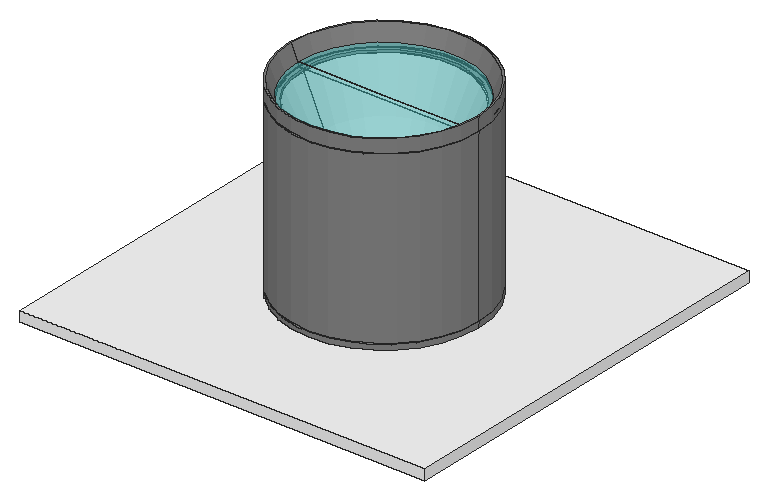
Revit family "24424_BEGA_Revit", category Lighting Fixtures, host Face, Revit 2019
Family settings
  Host = Face
  Round Connector Dimension = Use Diameter
  Part Type = Normal
  Cut with Voids When Loaded = Yes
  Light Source = Yes
  Shared = No
  Room Calculation Point = Yes
Parameters (values of type "24424_BEGA_Revit")
  Weight = "6.39 lbs"
  Voltage = 120 V
  Update = "2019-07-02T04:00:18"
  URL = "www.bega-us.com"
  Type Image = 24424.png
  Type Comments = "© 2019 BEGA. Technical amendments reserved."
  Serial_number [instance] = "Here you can enter the individual serial number for use in facility management."
  Protection_class = "IP 65"
  Order_number = "24424"
  Model = "24424"
  Material_17 = BEGA_reflector
  Material_15 = BEGA_lighting_medium_matt
  Material_11 = BEGA_glass_opal
  Material_09 = BEGA_glass_clear
  Material_06 = BEGA_finishes_stainless_steel_brushed
  Material_03 = BEGA_finishes_white_matt
  Material_02 = BEGA_finishes_silver_matt
  Material_01 [instance] = BEGA_finishes_graphite_matt
  Manufacturer = "BEGA"  # constant formula
  M_W = no
  M_G = yes
  M_A = no
  Luminaire_luminous_flux = "4785 lm"
  Logo = 0
  Load_Classification = Lighting
  Lamp = "LED 35.7 W"
  Half_beam_angle = ""
  built-in parameter 1150104 = 12.449 (stored number, unit not read)
  Wattage = 35.709 W
  Description = "Ceiling mounted downlight"
  Default Elevation = 0 mm
  built-in parameter 1150113 = 1 (stored number, unit not read)
  Connected_wattage [instance] = "41.0 W"
  Bega_IES = yes
  built-in parameter 1114218 = 1 (stored number, unit not read)
  built-in parameter 1150134 = 12
  built-in parameter 1150109 = 1 (stored number, unit not read)
  built-in parameter 1150110 = 1 (stored number, unit not read)
  Tilt Angle = 0.00°
  built-in parameter 1114217 = 1 (stored number, unit not read)
  built-in parameter 1150139 = (empty or 0)
  built-in parameter 1150105 = 380.78 (stored number, unit not read)
  built-in parameter 1150114 = 1 (stored number, unit not read)
  Lumens = 4785 lm
  built-in parameter 1150115 = 1 (stored number, unit not read)
  built-in parameter 1150112 = 1 (stored number, unit not read)
  Dimming Lamp Color Temperature Shift = <None>
  Color Filter = 16777215
  BEGA_internal_structure = yes
  BEGA_internal_on = yes
  BEGA_internal_off = yes
  BEGA_internal = yes
  BEGA_dummy = no
  built-in parameter 1150133 = 10 (stored number, unit not read)
  built-in parameter 1150137 = (empty or 0)
  built-in parameter 1150132 = 2
  Photometric Web File = "24424K4_BEGA_IES.IES"
  built-in parameter 1150106 = 3.8078 (stored number, unit not read)
  built-in parameter 1150107 = 4000 (stored number, unit not read)
  built-in parameter 1150102 = (empty or 0)
  built-in parameter 1150138 = (empty or 0)
  Apparent Load = 0 VA
Reference planes
  plane 1 "Center (Front/Back)": y = 0
  plane 2: z = 0
  plane 3 "Center (Left/Right)": x = 0
  plane 4 "left": x = -93.5
  plane 5 "right": x = 93.5
  plane 6 "down": y = -93.5
  plane 7 "up": y = 93.5
  plane 8 "Back": z = 0
  plane 9 "Front": z = 187.4
Forms (mm)
  Extrusion 1, solid, material "BEGA_plate_white"
    sketch origin (0, 0, 0) x (1, 0, 0) y (0, 1, 0)
      loop
        line (-200, 200) -> (-200, -200) -> (200, -200) -> (200, 200) -> (-200, 200)
    from 0 to -10
  Extrusion 2, solid, material "BEGA_Dummy_matt", visible <- "BEGA_dummy"
    sketch origin (77.149, -76.023, 0) x (1, 0, 0) y (0, 1, 0)
      loop
        circle (-77.149, 76.023) r 93.5
    from 0 to 187.4
Dimensions and locks
  aligned and locked: plane 2 to Extrusion 1
  aligned and locked: level to Extrusion 1
Nested families
  nested 1: "24424" at (0, 0, 0), type "24424"
Connectors
  electrical at (0, 0, 0), driven by "Apparent Load", driven by "Load_Classification", driven by "Voltage"
    settings: on Extrusion 1, index 1, voltage 120 V, apparent load 0 VA, apparent load phase1 0 VA, apparent load phase2 0 VA, apparent load phase3 0 VA, power factor 1, load classification "Lighting", number of poles 1, system type 31, power factor state 1, is connector primary yes, connector utility no, sub classification motor no, connector description ""
Definition of nested family "24424"
  Parameters (values of type "BE_24424")
    Default Elevation = 1 mm
    URL = "http://www.bega.de/de/produkt"
    Type Comments = "© 2015 BEGA. Wir behalten uns das Recht vor, technische Änderungen ohne vorherige Ankündigung vorzunehmen. "  # constant formula
    Type Image = (empty or 0)
    Neigungswinkel_um_Z2 = 0.00°
    Neigungswinkel_um_Z1 = 0.00°
    Neigungswinkel_um_Y2 = 0.00°
    Neigungswinkel_um_Y1 = 0.00°
    Neigungswinkel_um_X2 = 0.00°
    Neigungswinkel_um_X1 = 0.00°
    Material_17 = none
    Material_15 = none
    Material_11 = none
    Material_09 = none
    Material_06 = none
    Material_03 = none
    Material_02 = none
    Material_01 = none
    M_W = yes
    M_G = yes
    M_A = yes
    Länge_Platte = 200 mm  # constant formula
    Höhe_Platte = -10 mm  # constant formula
    Manufacturer = "BEGA"  # constant formula
    Drehwinkel_um_Z2 = 0.00°
    Drehwinkel_um_Z1 = 0.00°
    Breite_Platte = 200 mm  # constant formula
  Reference planes
    plane 1 "Mitte (Oben/Unten)": y = 0
    plane 2: z = 0
    plane 3 "Mitte (Links/Rechts)": x = 0
    plane 4 "Hinten": z = -40
    plane 5: z = 187.4
    plane 6: x = -93.5
    plane 7: x = 93.5
    plane 8: y = 93.5
    plane 9: y = -93.5
  Forms (mm)
    Extrusion 1, solid, detail levels medium
      sketch origin (0, 0, 0) x (1, 0, 0) y (0, 1, 0)
        loop
          line (-100, 100) -> (-100, -100) -> (100, -100) -> (100, 100) -> (-100, 100)
      from 0 to -10 <- "Höhe_Platte"
    Revolve 2, solid, material <- "Material_09"
      sketch origin (0, 0, 0) x (1, 0, 0) y (0, 0, 1)
        loop
          line (-84.5, 173) -> (-84.5, 168.9) -> (0, 168.9) -> (0, 173) -> (-84.5, 173)
        axis (0, 168.9) -> (0, 173)
      angle from 0 to 360
    Revolve 3, solid, material <- "Material_17"
      sketch origin (0, 0, 0) x (1, 0, 0) y (0, 0, 1)
        loop
          line (-85, 164.6) -> (-81.237, 164.6)
          arc (-81.237, 164.6) -> (-61.141, 119.72) -> (-36.386, 77.232) r 461.8
          arc (-36.386, 77.232) -> (-35.852, 76.767) -> (-35.163, 76.6) r 1.5
          line (-35.163, 76.6) -> (-32, 76.6) -> (-32, 77.9)
          arc (-32, 77.9) -> (-32.146, 78.254) -> (-32.5, 78.4) r 0.5
          line (-32.5, 78.4) -> (-34.992, 78.4)
          arc (-34.992, 78.4) -> (-59.857, 121.192) -> (-79.999, 166.4) r 461.8
          line (-79.999, 166.4) -> (-84.937, 166.4) -> (-85, 164.6)
        axis (0, 166.4) -> (0, 76.6)
      angle from 0 to 360
    Revolve 4, solid, material <- "Material_01", visible <- "M_G"
      sketch origin (0, 0, 0) x (1, 0, 0) y (0, 0, 1)
        loop
          line (-93.5, 174.417) -> (-91.384, 174.194) -> (-89.5, 170.668) -> (-90.5, 170.091) -> (-90.5, 161.55) -> (-88.578, 160.9) -> (-87.309, 160.9) -> (-84.937, 166.4) -> (-81.087, 166.4) -> (-81.017, 168.4) -> (-84.965, 168.4) -> (-85, 169.4) -> (-92, 187.4) -> (-93.5, 187.4) -> (-93.5, 174.417)
        axis (0, 187.4) -> (0, 160.9)
      angle from 0 to 360
    Revolve 5, solid, material <- "Material_01", visible <- "M_G"
      sketch origin (0, 0, 0) x (1, 0, 0) y (0, 0, 1)
        loop
          line (-93.5, 173.4) -> (-93.5, 6) -> (-92.592, 6) -> (-91.5, 9) -> (-91.5, 25) -> (-83.5, 25) -> (-81.974, 68.7) -> (0, 68.7) -> (0, 73.7) -> (-80.682, 73.7) -> (-83.5, 154.398) -> (-91.5, 154.398) -> (-91.5, 170.4) -> (-92.592, 173.4) -> (-93.5, 173.4)
        axis (0, 173.4) -> (0, 6)
      angle from 0 to 360
    Revolve 6, solid, material <- "Material_01", visible <- "M_G"
      sketch origin (0, 0, 0) x (1, 0, 0) y (0, 0, 1)
        loop
          line (-83.843, 23) -> (-90.5, 23) -> (-90.5, 5.299) -> (-93.5, 4.983) -> (-93.5, 0) -> (-87.198, 0) -> (-86.5, 20) -> (-80, 20) -> (0, 20) -> (0, 23) -> (-83.843, 23)
        axis (0, 23) -> (0, 0)
      angle from 0 to 360
    Revolve 7, solid, material <- "Material_15"
      sketch origin (0, 0, 0) x (1, 0, 0) y (0, 0, 1)
        loop
          line (-25, 73.7) -> (0, 73.7) -> (0, 75.25) -> (-25, 75.25) -> (-25, 73.7)
        axis (0, 73.7) -> (0, 75.25)
      angle from 0 to 360
    Extrusion 8, solid, material <- "Material_01", visible <- "M_G"
      sketch origin (0, 0, 0) x (1, 0, 0) y (0, 1, 0)
        loop
          circle (0, -80) r 6.414
        loop
          circle (0, 80) r 6.414
        loop
          circle (0, 80) r 2.233
        loop
          circle (0, -80) r 2.233
      from 0 to 23
    Revolve 9, solid, material <- "Material_03", visible <- "M_W"
      sketch origin (0, 0, 0) x (1, 0, 0) y (0, 0, 1)
        loop
          line (-93.5, 174.417) -> (-91.384, 174.194) -> (-89.5, 170.668) -> (-90.5, 170.091) -> (-90.5, 161.55) -> (-88.578, 160.9) -> (-87.309, 160.9) -> (-84.937, 166.4) -> (-81.087, 166.4) -> (-81.017, 168.4) -> (-84.965, 168.4) -> (-85, 169.4) -> (-92, 187.4) -> (-93.5, 187.4) -> (-93.5, 174.417)
        axis (0, 187.4) -> (0, 160.9)
      angle from 0 to 360
    Revolve 10, solid, material <- "Material_03", visible <- "M_W"
      sketch origin (0, 0, 0) x (1, 0, 0) y (0, 0, 1)
        loop
          line (-93.5, 173.4) -> (-93.5, 6) -> (-92.592, 6) -> (-91.5, 9) -> (-91.5, 25) -> (-83.5, 25) -> (-81.974, 68.7) -> (0, 68.7) -> (0, 73.7) -> (-80.682, 73.7) -> (-83.5, 154.398) -> (-91.5, 154.398) -> (-91.5, 170.4) -> (-92.592, 173.4) -> (-93.5, 173.4)
        axis (0, 173.4) -> (0, 6)
      angle from 0 to 360
    Revolve 11, solid, material <- "Material_03", visible <- "M_W"
      sketch origin (0, 0, 0) x (1, 0, 0) y (0, 0, 1)
        loop
          line (-83.843, 23) -> (-90.5, 23) -> (-90.5, 5.299) -> (-93.5, 4.983) -> (-93.5, 0) -> (-87.198, 0) -> (-86.5, 20) -> (-80, 20) -> (0, 20) -> (0, 23) -> (-83.843, 23)
        axis (0, 23) -> (0, 0)
      angle from 0 to 360
    Extrusion 12, solid, material <- "Material_03", visible <- "M_W"
      sketch origin (0, 0, 0) x (1, 0, 0) y (0, 1, 0)
        loop
          circle (0, -80) r 6.414
        loop
          circle (0, 80) r 6.414
        loop
          circle (0, 80) r 2.233
        loop
          circle (0, -80) r 2.233
      from 0 to 23
    Extrusion 13, void
      sketch origin (0, 0, 0) x (1, 0, 0) y (0, 1, 0)
        loop
          circle (-65, -20) r 7.197
        loop
          circle (-65, 20) r 7.197
      from 0 to 28.487
  Cuts and joins
    Extrusion 13 cuts Revolve 6
    Extrusion 13 cuts Extrusion 8
    joined: Revolve 6, Extrusion 8
    Extrusion 13 cuts Revolve 11
    Extrusion 13 cuts Extrusion 12
    joined: Revolve 11, Extrusion 12
    Extrusion 13 cuts Revolve 2
    Extrusion 13 cuts Revolve 3
    Extrusion 13 cuts Revolve 5
    Extrusion 13 cuts Revolve 10
  Dimensions and locks
    equal spacing: Extrusion 1 sketch curve, plane 3 "Mitte (Links/Rechts)", Extrusion 1 sketch curve
    equal spacing: Extrusion 1 sketch curve, plane 1 "Mitte (Oben/Unten)", Extrusion 1 sketch curve
    "Länge_Platte": Extrusion 1 sketch curve to Extrusion 1 sketch curve
    "Breite_Platte": Extrusion 1 sketch curve to Extrusion 1 sketch curve
    aligned and locked: plane 2 to Extrusion 1
    aligned and locked: level to Extrusion 1
  Automatic sketch dimensions
    Revolve 2 sketch curve to plane 3 "Mitte (Links/Rechts)" = 0 mm  (x2)
    Revolve 2 sketch curve to Revolve 2 sketch curve = 84.5 mm
    Revolve 2 sketch curve to Revolve 2 sketch curve = 4.1 mm
    Revolve 2 sketch curve to Revolve 2 sketch curve = 7.629 mm
    Revolve 2 sketch curve to Revolve 2 sketch curve = 3.343 mm
    Revolve 3 sketch curve to plane 3 "Mitte (Links/Rechts)" = 0 mm
    Revolve 3 sketch curve to plane 3 "Mitte (Links/Rechts)" = 32 mm
    Revolve 3 sketch curve to Revolve 3 sketch curve = 0.5 mm
    Revolve 3 sketch curve to Revolve 3 sketch curve = 2.492 mm
    Revolve 3 sketch curve to Revolve 3 sketch curve = 0.171 mm
    Revolve 3 sketch curve to plane 3 "Mitte (Links/Rechts)" = 79.999 mm
    Revolve 3 sketch curve to Revolve 3 sketch curve = 1.238 mm
    Revolve 3 sketch curve to Revolve 3 sketch curve = 3.7 mm
    Revolve 3 sketch curve to Revolve 3 sketch curve = 0.063 mm
    level to Revolve 3 sketch curve = 78.4 mm
    Revolve 3 sketch curve to Revolve 3 sketch curve = 0.3 mm
    Revolve 3 sketch curve to Revolve 3 sketch curve = 1.3 mm
    plane 3 "Mitte (Links/Rechts)" to Revolve 3 sketch curve = 349.688 mm
    Revolve 3 sketch curve to Revolve 3 sketch curve = 1.603 mm
    Revolve 4 sketch curve to plane 3 "Mitte (Links/Rechts)" = 0 mm
    Revolve 4 sketch curve to plane 3 "Mitte (Links/Rechts)" = 81.017 mm
    Revolve 4 sketch curve to Revolve 4 sketch curve = 0.07 mm
    Revolve 4 sketch curve to Revolve 4 sketch curve = 3.85 mm
    Revolve 4 sketch curve to Revolve 4 sketch curve = 0.028 mm
    Revolve 4 sketch curve to Revolve 4 sketch curve = 0.035 mm
    Revolve 4 sketch curve to Revolve 4 sketch curve = 2.371 mm
    Revolve 4 sketch curve to Revolve 4 sketch curve = 1.27 mm
    Revolve 4 sketch curve to Revolve 4 sketch curve = 4.5 mm
    Revolve 4 sketch curve to Revolve 4 sketch curve = 1 mm  (x2)
    Revolve 4 sketch curve to Revolve 4 sketch curve = 1.884 mm
    Revolve 4 sketch curve to Revolve 4 sketch curve = 0.616 mm
    Revolve 4 sketch curve to Revolve 4 sketch curve = 2.116 mm
    Revolve 4 sketch curve to Revolve 4 sketch curve = 0.65 mm
    Revolve 4 sketch curve to Revolve 4 sketch curve = 0.222 mm
    Revolve 5 sketch curve to plane 3 "Mitte (Links/Rechts)" = 0 mm  (x2)
    Revolve 5 sketch curve to plane 3 "Mitte (Links/Rechts)" = 80.682 mm
    Revolve 5 sketch curve to Revolve 5 sketch curve = 1.292 mm
    Revolve 5 sketch curve to Revolve 5 sketch curve = 2.818 mm
    level to Revolve 5 sketch curve = 25 mm
    Revolve 5 sketch curve to Revolve 5 sketch curve = 1.526 mm
    Revolve 5 sketch curve to Revolve 5 sketch curve = 8 mm  (x2)
    Revolve 5 sketch curve to Revolve 5 sketch curve = 1.092 mm  (x2)
    level to Revolve 5 sketch curve = 6 mm
    Revolve 5 sketch curve to Revolve 5 sketch curve = 0.908 mm
    Revolve 5 sketch curve to Revolve 5 sketch curve = 3 mm  (x2)
    level to Revolve 5 sketch curve = 68.7 mm
    Revolve 5 sketch curve to Revolve 5 sketch curve = 5 mm
    Revolve 5 sketch curve to Revolve 5 sketch curve = 16.002 mm
    Revolve 5 sketch curve to Revolve 5 sketch curve = 40.698 mm
    Revolve 5 sketch curve to Revolve 5 sketch curve = 25 mm
    Revolve 7 sketch curve to plane 3 "Mitte (Links/Rechts)" = 0 mm  (x2)
    Revolve 7 sketch curve to Revolve 7 sketch curve = 25 mm
    Revolve 7 sketch curve to Revolve 7 sketch curve = 0 mm
    level to Revolve 7 sketch curve = 73.7 mm
    Revolve 7 sketch curve to Revolve 7 sketch curve = 1.55 mm
    Revolve 7 sketch curve to Revolve 7 sketch curve = 20 mm
    Revolve 7 sketch curve to Revolve 7 sketch curve = 5.439 mm
    Revolve 6 sketch curve to level = 0 mm
    Revolve 6 sketch curve to plane 3 "Mitte (Links/Rechts)" = 0 mm  (x2)
    level to Revolve 6 sketch curve = 23 mm
    Revolve 6 sketch curve to Revolve 6 sketch curve = 83.843 mm
    Revolve 6 sketch curve to Revolve 6 sketch curve = 2.657 mm
    Revolve 6 sketch curve to Revolve 6 sketch curve = 0.698 mm
    Revolve 6 sketch curve to Revolve 6 sketch curve = 4 mm
    Revolve 6 sketch curve to Revolve 6 sketch curve = 3 mm  (x2)
    Revolve 6 sketch curve to Revolve 6 sketch curve = 4.983 mm
    Revolve 6 sketch curve to Revolve 6 sketch curve = 0.315 mm
    Revolve 6 sketch curve to Revolve 6 sketch curve = 3.843 mm
    Revolve 6 sketch curve to Revolve 6 sketch curve = 17.175 mm
    Revolve 6 sketch curve to Revolve 6 sketch curve = 5 mm
    Revolve 9 sketch curve to plane 3 "Mitte (Links/Rechts)" = 0 mm
    Revolve 9 sketch curve to plane 3 "Mitte (Links/Rechts)" = 81.017 mm
    Revolve 9 sketch curve to Revolve 9 sketch curve = 0.07 mm
    Revolve 9 sketch curve to Revolve 9 sketch curve = 3.85 mm
    Revolve 9 sketch curve to Revolve 9 sketch curve = 0.028 mm
    Revolve 9 sketch curve to Revolve 9 sketch curve = 0.035 mm
    Revolve 9 sketch curve to Revolve 9 sketch curve = 2.371 mm
    Revolve 9 sketch curve to Revolve 9 sketch curve = 1.27 mm
    Revolve 9 sketch curve to Revolve 9 sketch curve = 4.5 mm
    Revolve 9 sketch curve to Revolve 9 sketch curve = 1 mm  (x2)
    Revolve 9 sketch curve to Revolve 9 sketch curve = 1.884 mm
    Revolve 9 sketch curve to Revolve 9 sketch curve = 0.616 mm
    Revolve 9 sketch curve to Revolve 9 sketch curve = 2.116 mm
    Revolve 9 sketch curve to Revolve 9 sketch curve = 0.65 mm
    Revolve 9 sketch curve to Revolve 9 sketch curve = 0.222 mm
    Revolve 10 sketch curve to plane 3 "Mitte (Links/Rechts)" = 0 mm  (x2)
    Revolve 10 sketch curve to plane 3 "Mitte (Links/Rechts)" = 80.682 mm
    Revolve 10 sketch curve to Revolve 10 sketch curve = 1.292 mm
    Revolve 10 sketch curve to Revolve 10 sketch curve = 2.818 mm
    level to Revolve 10 sketch curve = 25 mm
    Revolve 10 sketch curve to Revolve 10 sketch curve = 1.526 mm
    Revolve 10 sketch curve to Revolve 10 sketch curve = 8 mm  (x2)
    Revolve 10 sketch curve to Revolve 10 sketch curve = 1.092 mm  (x2)
    level to Revolve 10 sketch curve = 6 mm
    Revolve 10 sketch curve to Revolve 10 sketch curve = 0.908 mm
    Revolve 10 sketch curve to Revolve 10 sketch curve = 3 mm  (x2)
    level to Revolve 10 sketch curve = 68.7 mm
    Revolve 10 sketch curve to Revolve 10 sketch curve = 5 mm
    Revolve 10 sketch curve to Revolve 10 sketch curve = 16.002 mm
    Revolve 10 sketch curve to Revolve 10 sketch curve = 40.698 mm
    Revolve 10 sketch curve to Revolve 10 sketch curve = 25 mm
    Revolve 11 sketch curve to level = 0 mm
    Revolve 11 sketch curve to plane 3 "Mitte (Links/Rechts)" = 0 mm  (x2)
    level to Revolve 11 sketch curve = 20 mm
    Revolve 11 sketch curve to Revolve 11 sketch curve = 80 mm
    Revolve 11 sketch curve to Revolve 11 sketch curve = 3.843 mm
    Revolve 11 sketch curve to Revolve 11 sketch curve = 2.657 mm
    Revolve 11 sketch curve to Revolve 11 sketch curve = 0.698 mm
    Revolve 11 sketch curve to Revolve 11 sketch curve = 4 mm
    Revolve 11 sketch curve to Revolve 11 sketch curve = 3 mm  (x2)
    Revolve 11 sketch curve to Revolve 11 sketch curve = 4.983 mm
    Revolve 11 sketch curve to Revolve 11 sketch curve = 0.315 mm
    Revolve 11 sketch curve to Revolve 11 sketch curve = 17.175 mm
    Revolve 11 sketch curve to Revolve 11 sketch curve = 5 mm
    Extrusion 12 sketch curve to Extrusion 12 sketch curve = 0 mm  (x4)
    Extrusion 12 sketch curve to plane 3 "Mitte (Links/Rechts)" = 0 mm  (x2)
    plane 1 "Mitte (Oben/Unten)" to Extrusion 12 sketch curve = 80 mm
    Extrusion 12 sketch curve to plane 1 "Mitte (Oben/Unten)" = 80 mm
    level to Revolve 2 sketch curve = 168.9 mm
    Revolve 3 sketch curve to Revolve 3 sketch curve = 86.2 mm
    Revolve 3 sketch curve to Revolve 3 sketch curve = 1.8 mm
    Revolve 3 sketch curve to Revolve 3 sketch curve = 0.85 mm
    Revolve 3 sketch curve to Revolve 3 sketch curve = 66.193 mm
    Revolve 3 sketch curve to Revolve 3 sketch curve = 36.807 mm
    level to Revolve 4 sketch curve = 160.9 mm
    Revolve 4 sketch curve to Revolve 4 sketch curve = 5.5 mm
    Revolve 4 sketch curve to Revolve 4 sketch curve = 2 mm
    Revolve 4 sketch curve to Revolve 4 sketch curve = 0.691 mm
    Revolve 4 sketch curve to Revolve 4 sketch curve = 0.577 mm
    Revolve 4 sketch curve to Revolve 4 sketch curve = 3.526 mm
    Revolve 4 sketch curve to Revolve 4 sketch curve = 12.983 mm
    Revolve 4 sketch curve to Revolve 4 sketch curve = 4.6 mm
    Revolve 4 sketch curve to Revolve 4 sketch curve = 14.4 mm
    Revolve 5 sketch curve to Revolve 5 sketch curve = 80.698 mm
    level to Revolve 9 sketch curve = 160.9 mm
    Revolve 9 sketch curve to Revolve 9 sketch curve = 5.5 mm
    Revolve 9 sketch curve to Revolve 9 sketch curve = 2 mm
    Revolve 9 sketch curve to Revolve 9 sketch curve = 0.691 mm
    Revolve 9 sketch curve to Revolve 9 sketch curve = 0.577 mm
    Revolve 9 sketch curve to Revolve 9 sketch curve = 3.526 mm
    Revolve 9 sketch curve to Revolve 9 sketch curve = 12.983 mm
    Revolve 9 sketch curve to Revolve 9 sketch curve = 4.6 mm
    Revolve 9 sketch curve to Revolve 9 sketch curve = 14.4 mm
    Revolve 10 sketch curve to Revolve 10 sketch curve = 80.698 mm
    radius of Extrusion 12 sketch curve = 6.414 mm  (x2)
    radius of Extrusion 12 sketch curve = 2.233 mm  (x2)
